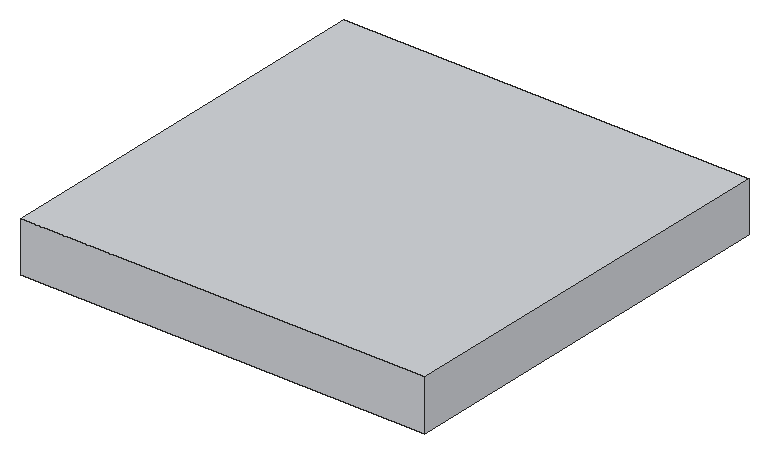
Revit family "05-9757-CA-CL", category Luminarias, Revit 2017
Family settings
  Anfitrión = Cara
  Cota de conector redondo = Diámetro de uso
  Tipo de pieza = Normal
  Número OmniClass = 23.80.70.00
  Título OmniClass = Lighting
  Corte con vacíos al cargar = No
  Origen de luz = No
  Compartido = Sí
  Punto de cálculo de habitación = No
Parameters (values of type "05-9757-CA-CL")
  Versión = "v1"
  Vatios (W) = 3.7
  Tipo de regulación = ""
  Tipo = "Empotrable de pared"
  Tender text (English) = "LEDS C4\nGea Effect Round\n05-9757-CA-CL\n\nWall recessed for outdoor use. \n\nFor frontal lighting and downlighting. Includes flush-mounting box. Specially designed to conceal all mounting screws. Suitable for installation in marine environments. Structure material: Stainless steel AISI316. Structure finish: Polished. Diffuser material: Glass. Diffuser finish: Transparent. UV protection. Warranty: 5 Years.\n\nProduct net weight (Kg): 0.350\nProduct width or diameter (mm): 95\nProduct aperture (mm): 72\nØ of the hole for recessing (mm): 80\n\nClass 1. Glow wire test: 850. IP: IP65. IK: IK10. LED. No. of lampholders or LEDs: 1. LED brand: CREE. Driver brand: HILITE. Maximum power of light source: 2.2W. Colour temperature: LED warm-white 3000K. Colour rendering index: 80. MacAdam Steps: 3. Maximum diameter of luminaire bulb: 50.000h L80B20. UGR:  12.3. Photobiological risk: RG2. Real flux (lm): 62. Nominal flux (lm): 162. Lm/Real W: 17. Voltage and frequency range: 100-240 VAC. Voltage: 3. Gear included: Yes, electronic. Multi-voltage gear included. Total power: 3.7. Power factor: 0.56."
  Tender text (Castellano) = "LEDS C4\nGea Effect Round\n05-9757-CA-CL\n\nEmpotrado de pared de uso exterior para iluminar frontalmente y hacia abajo. \n\nIncluye caja de empotrar. Especialmente diseñada para ocultar toda la tornillería. Apto para instalar en ambientes con atmósfera marina. Material estructura: Acero inoxidable AISI 316. Acabado estructura: Pulido. Material difusor: Cristal. Acabado difusor: Transparente. Protección contra los rayos ultravioleta. Garantía: 5 Años.\n\nPeso neto del producto (Kg): 0.350\nAnchura o diámetro del producto (mm): 95\nSalida del producto (mm): 72\nØ del agujero para empotrar (mm): 80\n\nClase 1. Prueba hilo incandescente: 850. IP: IP65. IK: IK10. LED. Nº de portalámparas o Leds: 1. Marca del LED: CREE. Marca del Driver: HILITE. Potencia máxima de la fuente de luz: 2.2W. Temperatura de color: Blanco cálido - 3000K. Índice de reproducción cromática: 80. Steps Mac Adam: 3. Diámetro máximo de la bombilla que admite la luminaria: 50.000h L80B20. UGR:  12.3. Riesgo fotobiológico: RG2. Flujo real (lm): 62. Flujo nominal (lm): 162. Lm/W reales: 17. Rango de voltaje/frecuencia: 100-240 VAC. Voltaje: 3. Equipo incluido: Si, electrónico. Equipo multivoltaje incluido. Potencia total: 3.7. Factor de potencia: 0.56."
  Temperatura color led (K) = "Blanco cálido - 3000K"
  Referencia = "05-9757-CA-CL"
  Rayo de luz = "Check Photometric file"
  Producto descatalogado = "Catalogado ES"
  Pluma comercial = "http://files.leds-c4.com/pl/05-9757-CA-CL.html"
  Peso neto (KG) = 0.35
  Material = "Acero inoxidable AISI 316, Cristal"
  Lumenes reales (lm) = 62
  LDT = "http://files.leds-c4.com/ldt/05-9757-CA-CL.html"
  Imagen web = "http://files.leds-c4.com/main-photo/05-9757-CA-CL"
  IfcExportType = "NOTDEFINED"
  IfcExportAs = "IfcLightFixture\r\nIfcLightFixture"
  IP = "IP65"
  IMC = "http://files.leds-c4.com/imc/05-9757-CA-CL.html"
  IK = "IK10"
  Fuente de luz = "1xLED 2.2 162.00 lm"
  Fotometría = "http://files.leds-c4.com/fm/05-9757-CA-CL.html"
  Ficha = "http://files.leds-c4.com/ft/es/05-9757-CA-CL.html"
  FechaVersion = "Julio 2020"
  Familia = "Gea Effect Round"
  Fabricante = "LEDS C4"
  Etiqueta V/f = "100-240V/50-60Hz"
  Elevación por defecto = 1000 mm
  Eficiencia energética = "LED A++"
  EAN13 = "8435381438340"
  DescripcionUniformat2010 = "Lighting"
  DescripcionUniclass2015 = "Lighting"
  DescripcionOmniclass = "Lighting"
  DescripcionGubimclass = "Iluminación interior"
  CodigoUniformat2010 = "D5040"
  CodigoUniclass2015 = "EF_70_80"
  CodigoOmniclass = "21-04 50 40"
  CodigoGubimclass = "50.60.50.20"
  Catálogo = "Outdoor"
  Carga aparente = 0 VA
  CRI = 80
  Acabado = "Pulido, Transparente"
Types (2, lengths in mm): name | Lumenes reales (lm) | CRI
  (no name) | 0 | 0
  05-9757-CA-CL | 62 | 80
Values of the unnamed type that differ from the named types
  Vatios (W) = 0
  Tipo = ""
  Tender text (English) = ""
  Tender text (Castellano) = ""
  Temperatura color led (K) = ""
  Referencia = ""
  Rayo de luz = ""
  Producto descatalogado = ""
  Pluma comercial = ""
  Peso neto (KG) = 0
  Material = ""
  LDT = ""
  Imagen web = ""
  IP = ""
  IMC = ""
  IK = ""
  Fuente de luz = ""
  Fotometría = ""
  Ficha = ""
  Familia = ""
  Etiqueta V/f = ""
  Eficiencia energética = ""
  EAN13 = ""
  Catálogo = ""
  Acabado = ""
Reference planes
  plane 1 "Centro (Frontal/Posterior)": y = 0
  plane 2: z = 0
  plane 3 "Centro (Izquierda/Derecha)": x = 0
  plane 4 "Elevación de origen de luz": z = 0
  plane 5 "Eje de origen de luz (F/P)": y = 0
  plane 6 "Eje de origen de luz (I/D)": x = 0
Forms (mm)
  Extrusion 1, solid
    sketch origin (0, 0, 0) x (1, 0, 0) y (0, 1, 0)
      loop
        line (-1219.2, 1219.2) -> (-1219.2, -1219.2) -> (1219.2, -1219.2) -> (1219.2, 1219.2) -> (-1219.2, 1219.2)
    from 0 to -304.8
Dimensions and locks
  aligned and locked: plane 2 to Extrusion 1
  aligned and locked: level to Extrusion 1
Nested families
  nested 1: "Luz anidada" at (0, -0.182, 18.282), type "Tipo1"
Connectors
  electrical at (0, 0, 0)
    settings: on Extrusion 1, index 1, voltage 0 V, apparent load 0 VA, apparent load phase1 0 VA, apparent load phase2 0 VA, apparent load phase3 0 VA, power factor 1, load classification "Otro", number of poles 1, system type 31, power factor state 1, is connector primary yes, connector utility no, sub classification motor no, connector description ""
Definition of nested family "Luz anidada"
  Parameters (values of type "Tipo1")
    Tilt Angle = 90.00°
    Wattage = 3.7 W
    Tipo de regulación = ""
    Tipo = ""
    Tender text = ""
    built-in parameter 1150110 = 1 (stored number, unit not read)
    Pluma comercial = ""
    Material = ""
    Imagen = ""
    IP = ""
    IMC = ""
    IK = ""
    Fotometría = ""
    Ficha = ""
    Familia = ""
    Estado en catálogo = ""
    Peso neto = ""
    Lamp = ""
    built-in parameter 1114217 = 1 (stored number, unit not read)
    built-in parameter 1150109 = 1 (stored number, unit not read)
    Etiqueta vf = ""
    Eficiencia energética = ""
    EAN13 = ""
    built-in parameter 1150134 = (empty or 0)
    built-in parameter 1150113 = 1 (stored number, unit not read)
    Lumens = 2811 lm
    built-in parameter 1150115 = 1 (stored number, unit not read)
    built-in parameter 1150105 = 109.82 (stored number, unit not read)
    built-in parameter 1150137 = (empty or 0)
    built-in parameter 1150139 = (empty or 0)
    built-in parameter 1150112 = 1 (stored number, unit not read)
    built-in parameter 1150114 = 1 (stored number, unit not read)
    built-in parameter 1150132 = (empty or 0)
    built-in parameter 1150102 = (empty or 0)
    built-in parameter 1150138 = (empty or 0)
    built-in parameter 1150107 = 3000 (stored number, unit not read)
    built-in parameter 1150106 = 1.0982 (stored number, unit not read)
    built-in parameter 1150104 = 1.5568 (stored number, unit not read)
    Catálogo = ""
    Dimming Lamp Color Temperature Shift = (empty or 0)
    Color Filter = 16777215
    built-in parameter 1114218 = 1 (stored number, unit not read)
    CRI = 0
    Photometric Web File = "05-9757-CA-CL.ies"
    Acabado = ""
    built-in parameter 1150133 = 10 (stored number, unit not read)
  Values of the unnamed type that differ from the named types
    Wattage = 16 W
    built-in parameter 1150107 = 4000 (stored number, unit not read)
    built-in parameter 1150104 = 5.3419 (stored number, unit not read)
  Reference planes
    plane 1 "Eje de origen de luz (F/P)": y = 0
    plane 2: z = 0
    plane 3 "Eje de origen de luz (I/D)": x = 0
    plane 4 "Elevación de origen de luz": z = 0
  Dimensions and locks
    aligned and locked: plane 3 "Eje de origen de luz (I/D)" to imposter light
    aligned and locked: plane 1 "Eje de origen de luz (F/P)" to imposter light
    aligned and locked: plane 4 "Elevación de origen de luz" to imposter light
    aligned and locked: level to plane 2
